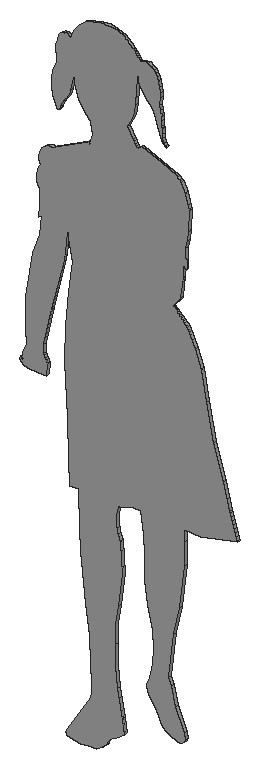
Revit family
Parameters (values of type "People_03_Multiple_views")
  built-in parameter 1005198 = (empty or 0)
  built-in parameter 1005195 = "d:\\byoh\\M25_HOL1_Santa.rpc"
  Assembly Code = ""
Reference planes (in)
  plane 1 "Center (Front/Back)": y = 0
  plane 2: z = 0
  plane 3 "Center (Left/Right)": x = 0
Forms (in)
  Extrusion 1, solid, material "Entourage-Figure"
    sketch origin (-21.86295, 0, 0) x (1, 0, 0) y (0, 0, 1)
      loop
        line (21.53113, 48.50953) -> (21.71962, 50.59122) -> (21.79023, 50.30087) -> (21.86787, 50.10397) -> (21.92329, 49.90639) -> (22.08904, 49.63395) -> (22.29898, 49.39695) -> (22.54758, 49.11433) -> (22.82613, 48.78716) -> (23.05541, 48.52735) -> (23.20343, 48.11059) -> (23.28574, 47.80751) -> (23.4303, 47.32645) -> (23.4908, 47.02604) -> (23.66805, 46.66702) -> (23.76561, 46.48811) -> (24.07585, 46.2388) -> (24.04443, 46.30739) -> (23.89077, 46.53406) -> (23.80887, 46.8405) -> (23.76087, 47.09849) -> (23.74992, 47.47798) -> (23.6922, 47.69287) -> (23.69622, 48.05008) -> (23.65605, 48.37184) -> (23.59393, 48.83937) -> (23.56117, 49.22154) -> (23.60225, 49.70024) -> (23.63113, 50.11572) -> (23.5174, 50.48739) -> (23.46531, 50.89237) -> (23.38342, 51.1988) -> (23.22976, 51.42548) -> (23.09584, 51.6327) -> (22.8756, 51.78579) -> (22.60927, 51.9241) -> (22.33206, 51.93769) -> (21.85243, 51.83032)
        arc (21.85243, 51.83032) -> (19.31406, 53.56013) -> (16.51923, 52.28558) r 3.12924
        line (16.51923, 52.28558) -> (16.20926, 51.62742)
        arc (16.20926, 51.62742) -> (15.68245, 51.76292) -> (15.25287, 51.42923) r 0.61753
        arc (15.25287, 51.42923) -> (15.00458, 50.63476) -> (15.02341, 49.80262) r 2.56835
        arc (15.02341, 49.80262) -> (15.03359, 49.48033) -> (14.94574, 49.17008) r 1.05259
        arc (14.94574, 49.17008) -> (14.64412, 48.03717) -> (14.73646, 46.86843) r 3.47449
        line (14.73646, 46.86843) -> (15.04709, 46.07031)
        arc (15.04709, 46.07031) -> (15.2055, 45.96813) -> (15.352, 46.08674) r 0.1607
        line (15.352, 46.08674) -> (15.38824, 46.22106) -> (15.70459, 46.78006)
        arc (15.70459, 46.78006) -> (16.04924, 47.21551) -> (16.23074, 47.74035) r 1.65784
        arc (16.23074, 47.74035) -> (16.32813, 48.23549) -> (16.45457, 48.72402) r 8.54578
        arc (16.45457, 48.72402) -> (16.8511, 47.27504) -> (17.72544, 46.05344) r 4.26482
        arc (17.72544, 46.05344) -> (17.7861, 45.99737) -> (17.84974, 45.94471) r 1.50613
        line (17.84974, 45.94471) -> (18.00677, 45.00395) -> (17.80253, 44.31419) -> (17.64134, 44.41834) -> (15.07524, 43.12158) -> (14.85268, 42.98655)
        arc (14.85268, 42.98655) -> (13.77007, 42.51096) -> (13.75071, 41.32865) r 1.0952
        arc (13.75071, 41.32865) -> (13.3937, 40.429) -> (13.66156, 39.4989) r 1.49746
        line (13.66156, 39.4989) -> (13.62155, 38.27503) -> (13.59507, 37.46529)
        arc (13.59507, 37.46529) -> (13.69218, 37.52094) -> (13.7925, 37.57058) r 1.8369
        line (13.7925, 37.57058) -> (13.62387, 36.13029) -> (13.08241, 34.61732) -> (12.50116, 31.16635) -> (12.50116, 28.83348) -> (12.58594, 27.68144) -> (12.2556, 27.00599) -> (12.25858, 26.52158) -> (12.059, 26.64069) -> (12.03049, 26.39934) -> (12.30122, 26.1168) -> (12.68368, 25.97741) -> (13.60776, 25.94142) -> (14.26607, 25.98987) -> (14.27869, 26.85569) -> (13.9735, 27.56567) -> (13.95859, 28.20004) -> (14.60895, 31.04271) -> (15.67213, 34.90898) -> (15.95873, 37.13106) -> (16.3601, 35.09825) -> (16.25832, 34.51884) -> (16.0114, 32.74901) -> (15.78267, 30.20476) -> (15.672, 27.54788) -> (15.94181, 23.43266) -> (16.06878, 20.48461) -> (16.11544, 18.49912) -> (16.83966, 18.54911) -> (16.90896, 15.59971) -> (17.06147, 14.02061) -> (17.21205, 12.5239) -> (17.46204, 10.30414) -> (17.80189, 8.11946) -> (17.88498, 5.98644) -> (17.91886, 4.5447)
        arc (17.91886, 4.5447) -> (17.92159, 3.85277) -> (17.66168, 3.21151) r 1.78986
        line (17.66168, 3.21151) -> (17.12944, 2.35821) -> (15.88375, 0.47129)
        arc (15.88375, 0.47129) -> (15.83428, 0.21362) -> (15.98196, -0.00324) r 0.34191
        line (15.98196, -0.00324) -> (16.5997, -0.12608) -> (17.03978, -0.15876) -> (17.69851, -0.12857) -> (18.37529, -0.04766) -> (18.82605, 0.18749) -> (19.14237, 0.50323) -> (19.28658, 0.81874) -> (19.57276, 1.06983) -> (19.94963, 1.2457) -> (20.62564, 1.76809) -> (20.45925, 2.81931)
        arc (20.45925, 2.81931) -> (20.23976, 3.89777) -> (20.0758, 4.98606) r 21.47897
        arc (20.0758, 4.98606) -> (19.90814, 6.57205) -> (19.91127, 8.16688) r 14.8727
        arc (19.91127, 8.16688) -> (19.9388, 9.62359) -> (20.1774, 11.0609) r 10.01511
        arc (20.1774, 11.0609) -> (20.47325, 13.46222) -> (20.30828, 15.87607) r 12.69856
        arc (20.30828, 15.87607) -> (19.96741, 17.11227) -> (20.12779, 18.38455) r 3.27218
        line (20.12779, 18.38455) -> (21.16374, 18.70018) -> (21.93248, 18.70211) -> (22.20737, 17.08432) -> (22.27691, 15.52801) -> (22.32105, 13.64962) -> (22.55808, 11.98184) -> (22.97693, 10.2936) -> (23.06712, 8.91087) -> (22.97753, 7.81243) -> (22.68333, 6.65149) -> (22.50512, 6.24495)
        arc (22.50512, 6.24495) -> (22.47897, 6.14992) -> (22.48102, 6.05138) r 0.34192
        line (22.48102, 6.05138) -> (22.55815, 5.5893)
        arc (22.55815, 5.5893) -> (22.57656, 5.52213) -> (22.60819, 5.46007) r 0.34193
        line (22.60819, 5.46007) -> (23.20109, 4.5422) -> (23.30951, 4.43151) -> (23.49895, 3.91754) -> (23.58348, 3.73072) -> (23.71741, 3.53784) -> (23.86634, 3.39412) -> (24.00627, 3.25013) -> (24.23663, 3.084) -> (24.58531, 2.88956) -> (24.80666, 2.82517) -> (24.99396, 2.78977) -> (25.19661, 2.77729) -> (25.41779, 2.81354) -> (25.55268, 2.93482) -> (25.64761, 3.12441) -> (25.61185, 3.62089) -> (24.86974, 5.32664) -> (24.51393, 6.70947) -> (24.27672, 7.30211) -> (24.69952, 10.6329) -> (25.19896, 12.6793) -> (25.59851, 15.92361) -> (25.59851, 17.72045) -> (25.55757, 18.57954) -> (26.93673, 18.5803) -> (29.92202, 19.22747) -> (29.29731, 21.25708) -> (28.7891, 23.23997) -> (27.97705, 25.87517) -> (27.41769, 28.63171) -> (26.99333, 30.90508) -> (26.50022, 32.24536) -> (25.80096, 33.58904) -> (24.6397, 34.73802) -> (25.1779, 35.40631)
        arc (25.1779, 35.40631) -> (25.22543, 35.48505) -> (25.25025, 35.57361) r 0.34191
        line (25.25025, 35.57361) -> (25.4629, 37.10091) -> (25.52234, 37.95373) -> (25.70314, 37.79091) -> (25.67408, 39.41679) -> (25.86615, 39.9652) -> (25.94846, 40.70555) -> (25.9759, 42.21367) -> (25.67408, 43.42017) -> (25.32211, 44.09854) -> (24.90624, 44.42026) -> (23.56505, 44.99468) -> (22.01857, 45.56078) -> (21.68456, 45.27284) -> (20.90448, 46.74546)
        arc (20.90448, 46.74546) -> (21.36297, 47.57593) -> (21.53113, 48.50953) r 2.92082
    from -0.09766 to 0.09766
